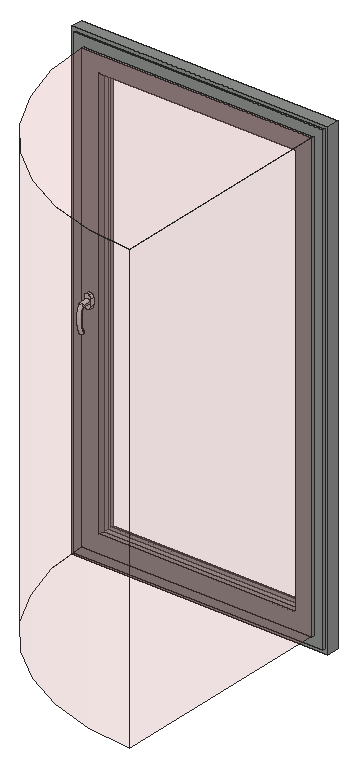
Revit family "Aluprof_MB-86N-SI_E_Alu_Window-1sash-for-Curtain-Wall_ENG_R-00526", category Windows, Revit 2020
Family settings
  OmniClass Number = 23.17.13.13
  OmniClass Title = Metal Windows
  Always vertical = Yes
  Cut with Voids When Loaded = No
  Shared = No
  Room Calculation Point = No
Parameters (values of type "Single Side-hung Casement")
  Width [instance] = 1284 mm
  Water tightness = "up to Class E 4800, EN 12208"
  URL = "https://aluprof.eu/en/architects/offer/window-and-door-systems/mb-86n-thermally-insulated-window-and-door-system#visualisation"
  U = no
  Thermal insulation = 0.0000 W/(m²·K)
  ShowClearanceZone [instance] = yes
  Sash thickness = 86 mm
  Resistance to wind load = "up to Class CE3330, EN 12210"
  R = yes
  Operation = "SinglePanel"
  Opening type = "Single Side-hung Casement"
  Opening angle [instance] = 10.00°  # constant formula
  Model = "MB-86N"
  ManufacturerSustainabilityPolicyURL = "https://aluprof.eu/en/company/sustainable-development"
  Manufacturer = "aluprof.com"
  Keynote = "08511300"
  IsWindowTilted [instance] = no
  IsWindowOpen [instance] = no
  IsTiltedWindowVisible [instance] = and(IsWindowTilted, U)  # no
  IsOpenSashVisible [instance] = and(IsWindowOpen, R)  # no
  IsExternal = yes
  IsClosedWindowVisible [instance] = not(or(IsWindowTilted, IsWindowOpen))  # yes
  Insert type = "SI"
  IfcExportType = "NOTDEFINED"
  IfcExportAs = "IfcWindowType"
  Height [instance] = 2373.601 mm
  Hardware [instance] = ""
  HandleMaterial = StainlessSteel_ALUPROF_Grey
  Handle type [instance] = "Aluprof Classic"
  GlazingMaterial = Glass_ALUPROF_Clear
  Glazing construction = "6/16/4/16/6"  # constant formula
  FrameMaterial = Aluminium_ALUPROF_RAL7005_MouseGrey
  Frame thickness = 77 mm
  Description = "Thermally insulated curtain wall window"
  Content of the recyclate in the material = "69.2%"  # constant formula
  COBie.Type.Name = "MB-86N"
  COBie.Type.Manufacturer = "ALUPROF SA"
  COBie.Type = yes
  COBie = yes
  Assembly Code = "B2020110"
  Air permeability = "up to Class 4, EN 12207"
Types (4, lengths in mm): name | Width | U | Thermal insulation | R | Opening type | Height
  (no name) | 1284 | no | 0.0000 W/(m²·K) | yes | "Single Side-hung Casement" | 2373.601
  Tilt and Turn | 1284 | yes | 0.7500 W/(m²·K) | yes | "Tilt and Turn" | 2373.601
  Bottom-hung Casement | 1360 | yes | 0.0000 W/(m²·K) | no | "Bottom-hung Casement" | 2640
  Single Side-hung Casement | 1284 | no | 0.0000 W/(m²·K) | yes | "Single Side-hung Casement" | 2373.601
Reference planes
  plane 1 "Center (Front/Right)": y = 0
  plane 2: z = 0
  plane 3 "Center (Left/Right)": x = 0
  plane 4 "Left": x = -642
  plane 5 "Right": x = 642
  plane 6 "Top": z = 2373.601
  plane 7 "Frame EXT": y = 37.1
  plane 8 "Frame INT": y = -39.9
  plane 9: z = 64.5
  plane 10 "Sash open": x = 577.5
  plane 11 "Open sash": y = 24.6
  plane 12: x = -577.5
  plane 13 "Sash Top": z = 2309.101
Forms (mm)
  Sweep 1, solid, material "Aluminium_ALUPROF_RAL7005_MouseGrey" <- "FrameMaterial"
    path origin (0, 37.1, 0) x (-1, 0, 0) y (0, 0, 1)
      loop
        line (642, 2373.601) -> (-642, 2373.601) -> (-642, 0) -> (642, 0) -> (642, 2373.601)
    profile origin (-642, 37.1, 1186.801) x (1, 0, 0) y (0, 1, 0)
      loop
        line (70.5, -77) -> (70.5, -50.8) -> (77.537, -50.8) -> (84.126, -4.5) -> (95.5, -4.5) -> (95.5, 0) -> (19, 0) -> (19, -9.5) -> (-1, -9.5) -> (-1, -67.2) -> (16, -67.2) -> (16, -77) -> (70.5, -77)
  Extrusion 2, solid, material "Clearance Zone", visible <- "ShowClearanceZone"
    sketch origin (0, 0, 0) x (1, 0, 0) y (0, 1, 0)
      loop
        line (577.5, -39.9) -> (-577.5, -39.9)
        arc (-577.5, -39.9) -> (-239.208, -856.608) -> (577.5, -1194.9) r 1155
        line (577.5, -1194.9) -> (577.5, -39.9)
    from 64.5 to 2309.101
Lines and regions (mm)
  reference lines
    curve 1: line (0, -39.9, 64.5) -> (0, -433.954, 2299.293)
  symbolic lines
    curve 2: arc (-577.5, -39.9, 0) -> (-239.208, -856.608, 0) -> (577.5, -1194.9, 0) r 1155
    curve 3: line (577.5, -1194.9, 0) -> (577.5, -39.9, 0)
Text (mm)
  text "Exterior" at (-1654.078, 797.241, 0), in view "Ref. Level"
Dimensions and locks
  equal spacing: plane 4 "Left", plane 3 "Center (Left/Right)", plane 5 "Right"
  locked: plane 1 "Center (Front/Right)" to plane 7 "Frame EXT" at 37.1
  "Frame thickness": plane 7 "Frame EXT" to plane 8 "Frame INT"
  locked: plane 9 to plane 2 at 64.5
  "Width": plane 4 "Left" to plane 5 "Right"
  "Height": plane 6 "Top" to plane 2
  locked: plane 10 "Sash open" to plane 5 "Right" at 64.5
  locked: plane 8 "Frame INT" to plane 11 "Open sash" at 64.5
  locked: plane 4 "Left" to plane 12 at 64.5
  locked: Extrusion 2 sketch curve to plane 5 "Right" at 64.5
  locked: plane 13 "Sash Top" to plane 6 "Top" at 64.5
  "Opening angle": angle curve 1 to plane 8 "Frame INT"
  aligned and locked: level to plane 2
  aligned and locked: plane 4 "Left" to nested 1
  aligned and locked: nested 1 to plane 7 "Frame EXT"
  aligned and locked: plane 7 "Frame EXT" to nested 2
  aligned and locked: plane 5 "Right" to nested 2
  aligned and locked: Sweep 1 sketch curve to plane 4 "Left"
  aligned and locked: plane 6 "Top" to Sweep 1 sketch curve
  aligned and locked: plane 5 "Right" to Sweep 1 sketch curve
  aligned and locked: plane 2 to Sweep 1 sketch curve
  aligned and locked: nested 3 to plane 6 "Top"
  aligned and locked: nested 3 to plane 7 "Frame EXT"
  aligned and locked: plane 2 to nested 4
  aligned and locked: plane 7 "Frame EXT" to nested 4
  aligned and locked: plane 8 "Frame INT" to curve 1
  aligned and locked: plane 9 to curve 1
  aligned and locked: plane 12 to Extrusion 2 sketch curve
  aligned and locked: Extrusion 2 sketch curve to plane 8 "Frame INT"
  aligned and locked: Extrusion 2 to plane 9
  aligned and locked: Extrusion 2 to plane 13 "Sash Top"
  aligned and locked: curve 2 to Extrusion 2
  aligned and locked: curve 3 to Extrusion 2
  aligned and locked: nested 6 to plane 10 "Sash open"
  aligned and locked: nested 6 to plane 11 "Open sash"
  aligned and locked: plane 5 "Right" to nested 7
  aligned and locked: nested 7 to plane 7 "Frame EXT"
Automatic sketch dimensions
  profile plane to Sweep 1 sketch curve = 1 mm
  Sweep 1 sketch curve to profile plane = 16 mm
  Sweep 1 sketch curve to Sweep 1 sketch curve = 54.5 mm
  Sweep 1 sketch curve to Sweep 1 sketch curve = 7.037 mm
  Sweep 1 sketch curve to Sweep 1 sketch curve = 6.589 mm
  Sweep 1 sketch curve to Sweep 1 sketch curve = 11.374 mm
  Sweep 1 sketch curve to Sweep 1 sketch curve = 4.5 mm
  Sweep 1 sketch curve to Sweep 1 sketch curve = 9.5 mm
  Sweep 1 sketch curve to Sweep 1 sketch curve = 26.2 mm
  Sweep 1 sketch curve to Sweep 1 sketch curve = 57.7 mm
  Sweep 1 sketch curve to Sweep 1 sketch curve = 9.8 mm
  Sweep 1 sketch curve to plane 7 "Frame EXT" = 0 mm
  Sweep 1 sketch curve to profile plane = 19 mm
  curve 3 to plane 8 "Frame INT" = 0 mm
Nested families
  nested 1: "Frame-Horizontal" at (-642, 37.1, 0), type "Frame-Horizontal", detail levels fine
  nested 2: "Frame-Horizontal" at (642, 37.1, 0) x (-1, 0, 0) z (0, 0, 1), type "Frame-Horizontal", detail levels fine
  nested 3: "Frame-Vertical" at (0, 37.1, 2373.601) x (0, 0, -1) z (1, 0, 0), type "Frame-Vertical", detail levels fine
  nested 4: "Frame-Vertical" at (0, 37.1, 0) x (0, 0, 1) z (1, 0, 0), type "Frame-Vertical", detail levels fine
  nested 5: "SashTilted" at (0, -234.785, 1169.75) x (-1, 0, 0) z (0, 0.9848, 0.1736), Height <- "Height", Width <- "Width", visible <- "IsTiltedWindowVisible", type "SashTilted"
    with built-in parameter 1001301 1284 mm, built-in parameter 1001300 2373.601 mm, U no
  nested 6: "Sash" at (534.5, -617.4, 0) x (0, -1, 0) z (0, 0, 1), Height <- "Height", Width <- "Width", visible <- "IsOpenSashVisible", type "Sash"
    with built-in parameter 1001301 1284 mm, built-in parameter 1001300 2373.601 mm
  nested 7: "Sash" at (0, -5.9, 0) x (-1, 0, 0) z (0, 0, 1), Height <- "Height", Width <- "Width", visible <- "IsClosedWindowVisible", type "Sash"
    with built-in parameter 1001301 1284 mm, built-in parameter 1001300 2373.601 mm
Definition of nested family "SashTilted"
  Parameters (values of type "Sash")
    Width [instance] = 1189.528 mm
    U = yes
    R = yes
    Height [instance] = 1529 mm
    HandleMaterial = none
    GlazingMaterial = none
    FrameMaterial = none
    Define Thermal Properties by = 1
    Default Elevation = 1219.2 mm
    Analytic Construction = "<None>"
  Reference planes
    plane 1 "Center (Front/Back)": y = 0
    plane 2: z = 0
    plane 3 "Center (Left/Right)": x = 0
    plane 4: y = 700
    plane 5: y = -700
    plane 6: x = 530.264
    plane 7: x = -530.264
    plane 8: x = 594.764
    plane 9: x = -594.764
    plane 10: y = 764.5
    plane 11: y = -764.5
    plane 12 "Sash EXT": z = 77
    plane 13 "Glass EXT": z = 68.5
    plane 14 "Glass INT": z = 20.5
    plane 15: x = -494.264
    plane 16: x = 494.264
    plane 17 "Handle": x = 490.815
  Forms (mm)
    Extrusion 1, solid
      sketch origin (0, 0, 0) x (1, 0, 0) y (0, 1, 0)
        loop
          line (-1219.2, 1219.2) -> (-1219.2, -1219.2) -> (1219.2, -1219.2) -> (1219.2, 1219.2) -> (-1219.2, 1219.2)
      from 0 to -304.8
    Sweep 2, solid, material <- "FrameMaterial"
      path origin (0, 0, 0) x (1, 0, 0) y (0, 1, 0)
        loop
          line (-530.264, 700) -> (-530.264, -700) -> (530.264, -700) -> (530.264, 700) -> (-530.264, 700)
      profile origin (0, 700, 0) x (0, 1, 0) y (0, 0, 1)
        loop
          line (0, -9) -> (0, 0) -> (-17.5, 0) -> (-17.5, 30.154) -> (-21.207, 56.2) -> (-28, 56.2) -> (-28, 71.8) -> (-36, 71.8) -> (-36, 77) -> (-83.5, 77) -> (-83.5, 68.5) -> (-67.5, 68.5) -> (-67.5, 20.5) -> (-83.5, 20.5) -> (-83.5, -9) -> (0, -9)
    Extrusion 3, solid, material <- "GlazingMaterial"
      sketch origin (0, 0, 0) x (1, 0, 0) y (0, 1, 0)
        loop
          line (-462.764, 632.5) -> (-462.764, -632.5) -> (462.764, -632.5) -> (462.764, 632.5) -> (-462.764, 632.5)
      from 20.5 to 68.5
    Sweep 4, solid, material <- "FrameMaterial"
      path origin (0, 0, 77) x (-1, 0, 0) y (0, -1, 0)
        loop
          line (494.264, 700) -> (-494.264, 700)
      profile origin (0, -700, 77) x (0, 1, 0) y (0, 0, 1)
        loop
          line (55.25, 19.2) -> (49.25, 20.2) -> (49.25, 18.7) -> (53.574, 17.452) -> (56.363, 4.206) -> (44.25, 1.656) -> (44.25, 0) -> (59.292, 0) -> (55.25, 19.2)
  Lines and regions (mm)
    symbolic lines, visible <- "R"
      curve 1: line (-446.764, 616.5, 77) -> (446.764, 0, 77)
      curve 2: line (446.764, 0, 77) -> (-446.764, -616.5, 77)
    symbolic lines, visible <- "U"
      curve 3: line (-446.764, -616.5, 77) -> (0, 616.5, 77)
      curve 4: line (0, 616.5, 77) -> (446.764, -616.5, 77)
  Dimensions and locks
    locked: plane 6 to plane 8 at 64.5
    locked: plane 9 to plane 7 at 64.5
    equal spacing: plane 9, plane 3 "Center (Left/Right)", plane 8
    "Width": plane 9 to plane 8
    locked: plane 10 to plane 4 at 64.5
    locked: plane 5 to plane 11 at 64.5
    equal spacing: plane 10, plane 1 "Center (Front/Back)", plane 11
    "Height": plane 10 to plane 11
    locked: plane 12 "Sash EXT" to plane 2 at 77
    plane 12 "Sash EXT" to plane 13 "Glass EXT" to plane 14 "Glass INT" = 8.5 mm locked, 48 mm locked
    locked: plane 7 to Extrusion 3 sketch curve at 67.5
    locked: Extrusion 3 sketch curve to plane 6 at 67.5
    locked: Extrusion 3 sketch curve to plane 4 at 67.5
    locked: Extrusion 3 sketch curve to plane 5 at 67.5
    locked: plane 16 to plane 6 at 36
    locked: plane 7 to plane 15 at 36
    locked: plane 6 to plane 17 "Handle" at 39.449
    aligned and locked: plane 2 to Extrusion 1
    aligned and locked: level to Extrusion 1
    aligned and locked: Sweep 2 sketch curve to plane 4
    aligned and locked: plane 7 to Sweep 2 sketch curve
    aligned and locked: plane 5 to Sweep 2 sketch curve
    aligned and locked: Sweep 2 sketch curve to plane 6
    aligned and locked: nested 1 to plane 7
    aligned and locked: nested 1 to plane 6
    aligned and locked: nested 1 to plane 12 "Sash EXT"
    aligned and locked: nested 2 to plane 5
    aligned and locked: nested 2 to plane 4
    aligned and locked: nested 2 to plane 12 "Sash EXT"
    aligned and locked: Extrusion 3 to plane 14 "Glass INT"
    aligned and locked: plane 13 "Glass EXT" to Extrusion 3
    aligned and locked: Sweep 4 sketch curve to plane 5
    aligned and locked: plane 15 to Sweep 4 sketch curve
    aligned and locked: plane 16 to Sweep 4 sketch curve
    aligned and locked: plane 17 "Handle" to nested 3
    aligned and locked: plane 1 "Center (Front/Back)" to nested 3
  Automatic sketch dimensions
    Extrusion 1 sketch curve to Extrusion 1 sketch curve = 2438.4 mm  (x2)
    profile plane to Sweep 2 sketch curve = 83.5 mm
    Sweep 2 sketch curve to profile plane = 0 mm
    Sweep 2 sketch curve to Sweep 2 sketch curve = 31.5 mm
    Sweep 2 sketch curve to Sweep 2 sketch curve = 8 mm
    Sweep 2 sketch curve to Sweep 2 sketch curve = 6.793 mm
    profile plane to Sweep 2 sketch curve = 17.5 mm
    profile plane to Sweep 2 sketch curve = 36 mm
    level to Sweep 2 sketch curve = 0 mm
    Sweep 2 sketch curve to Sweep 2 sketch curve = 30.154 mm
    Sweep 2 sketch curve to Sweep 2 sketch curve = 56.2 mm
    Sweep 2 sketch curve to Sweep 2 sketch curve = 15.6 mm
    Sweep 2 sketch curve to Sweep 2 sketch curve = 5.2 mm
    Sweep 2 sketch curve to Sweep 2 sketch curve = 8.5 mm
    level to Sweep 2 sketch curve = 20.5 mm
    Sweep 2 sketch curve to level = 9 mm
    Sweep 2 sketch curve to Sweep 2 sketch curve = 16 mm
    plane 12 "Sash EXT" to Sweep 4 sketch curve = 19.2 mm
    Sweep 4 sketch curve to profile plane = 55.25 mm
    plane 12 "Sash EXT" to Sweep 4 sketch curve = 20.2 mm
    Sweep 4 sketch curve to Sweep 4 sketch curve = 6 mm
    plane 12 "Sash EXT" to Sweep 4 sketch curve = 0 mm
    Sweep 4 sketch curve to Sweep 4 sketch curve = 4.042 mm
    Sweep 4 sketch curve to Sweep 4 sketch curve = 1.5 mm
    plane 12 "Sash EXT" to Sweep 4 sketch curve = 17.452 mm
    Sweep 4 sketch curve to Sweep 4 sketch curve = 1.676 mm
    plane 12 "Sash EXT" to Sweep 4 sketch curve = 4.206 mm
    Sweep 4 sketch curve to Sweep 4 sketch curve = 2.929 mm
    plane 12 "Sash EXT" to Sweep 4 sketch curve = 1.656 mm
    Sweep 4 sketch curve to Sweep 4 sketch curve = 12.113 mm
    plane 1 "Center (Front/Back)" to curve 1 = 0 mm
    curve 4 to plane 3 "Center (Left/Right)" = 0 mm
    plane 17 "Handle" to curve 2 = 44.051 mm
    plane 7 to curve 3 = 83.5 mm
    plane 5 to curve 3 = 83.5 mm
    plane 17 "Handle" to curve 4 = 44.051 mm
    plane 7 to curve 1 = 83.5 mm
    curve 1 to plane 4 = 83.5 mm
    curve 4 to plane 4 = 83.5 mm
    plane 5 to curve 4 = 83.5 mm
  Nested families
    nested 1: "Horizontal-detail-sash" at (-530.264, 0, 77) x (1, 0, 0) z (0, -1, 0), type "Horizontal-detail-sash", detail levels fine
      with Width 1060.528 mm
    nested 2: "Family5" at (0, -700, 77) x (0, 1, 0) z (1, 0, 0), type "Family5", detail levels fine
      with Width 1400 mm
    nested 3: "Handle" at (490.815, 0, -9) x (-1, 0, 0) z (0, 0, -1), HandleMaterial <- "HandleMaterial", type "Handle", detail levels medium+fine
      with HandleMaterial none
  Definition of nested family "Handle"
    Parameters (values of type "Handle")
      HandleMaterial [instance] = none
      Default Elevation = 1219.2 mm
    Reference planes
      plane 1 "Center (Front/Back)": y = 0
      plane 2: z = 0
      plane 3 "Center (Left/Right)": x = 0
      plane 4: x = -16.5
      plane 5: x = 16.5
      plane 6: z = 75.983
      plane 7: y = 34
      plane 8: y = -34
    Forms (mm)
      Extrusion 1, solid
        sketch origin (0, 0, 0) x (1, 0, 0) y (0, 1, 0)
          loop
            line (-1219.2, 1219.2) -> (-1219.2, -1219.2) -> (1219.2, -1219.2) -> (1219.2, 1219.2) -> (-1219.2, 1219.2)
        from 0 to -304.8
      Extrusion 2, solid, material <- "HandleMaterial"
        sketch origin (0, 0, 0) x (1, 0, 0) y (0, 1, 0)
          loop
            arc (-16.5, -17.5) -> (0, -34) -> (16.5, -17.5) r 16.5
            line (16.5, -17.5) -> (16.5, 17.5)
            arc (16.5, 17.5) -> (0, 34) -> (-16.5, 17.5) r 16.5
            line (-16.5, 17.5) -> (-16.5, -17.5)
        from 0 to 14
      Extrusion 3, solid, material <- "HandleMaterial"
        sketch origin (-436.456, 1200, 14) x (0, 1, 0) y (1, 0, 0)
          loop
            circle (-1200, 436.456) r 11
        from 0 to -47
      Sweep 4, solid, material <- "HandleMaterial"
        path origin (0, 0, 0) x (0, 0, -1) y (0, 1, 0)
          loop
            arc (-61, 11) -> (-76, -57) -> (-61, -125) r 161.633
        profile origin (0, -57, 76) x (0, 0, -1) y (1, 0, 0)
          loop
            spline (7.5, 11) -> (5.559, 10.625) -> (3.75, 9.526) -> (2.197, 7.778) -> (1.005, 5.5) -> (0.256, 2.847) -> (0, 0) -> (0.256, -2.847) -> (1.005, -5.5) -> (2.197, -7.778) -> (3.75, -9.526) -> (5.559, -10.625) -> (7.5, -11)
            spline (7.5, -11) -> (9.441, -10.625) -> (11.25, -9.526) -> (12.803, -7.778) -> (13.995, -5.5) -> (14.744, -2.847) -> (15, 0) -> (14.744, 2.847) -> (13.995, 5.5) -> (12.803, 7.778) -> (11.25, 9.526) -> (9.441, 10.625) -> (7.5, 11)
      Extrusion 5, void
        sketch origin (0, 0, 0) x (0, 0, -1) y (0, 1, 0)
          loop
            line (-67.378, 29.956) -> (-39.828, -51.925) -> (-39.828, 29.956) -> (-67.378, 29.956)
        from -20 to 20
      Extrusion 6, void
        sketch origin (0, 0, 0) x (0, 0, -1) y (0, 1, 0)
          loop
            line (-75.729, 54.777) -> (-75.729, -24.944) -> (-48.906, -24.944) -> (-75.729, 54.777)
        from -20 to 20
    Cuts and joins
      Extrusion 5 cuts Sweep 4
      Extrusion 6 cuts Extrusion 3
    Lines and regions (mm)
      symbolic lines
        curve 1: line (16.5, 0, 14) -> (-16.5, 0, 14)
        curve 2: line (16.5, 0, 0) -> (16.5, 0, 14)
        curve 3: line (-16.5, 0, 0) -> (16.5, 0, 0)
        curve 4: line (-16.5, 0, 14) -> (-16.5, 0, 0)
        curve 9: line (11, 0, 14) -> (11, 0, 72.589)
        curve 10: line (-11, 0, 14) -> (-11, 0, 72.424)
        curve 11: spline (10.99, 0, 72.424) -> (10.664, 0, 73.345) -> (9.593, 0, 74.207) -> (7.851, 0, 74.949) -> (5.56, 0, 75.519) -> (2.881, 0, 75.878) -> (0, 0, 76.001) -> (-2.881, 0, 75.878) -> (-5.56, 0, 75.519) -> (-7.851, 0, 74.949) -> (-9.593, 0, 74.207) -> (-10.664, 0, 73.345) -> (-10.99, 0, 72.424)
        curve 15: line (0, 34, 14) -> (0, -34, 14)
        curve 16: line (0, 34, 0) -> (0, 34, 14)
        curve 17: line (0, -34, 0) -> (0, 34, 0)
        curve 18: line (0, -34, 14) -> (0, -34, 0)
        curve 23: line (0, 11, 14) -> (0, 11, 61.001)
        curve 24: line (0, -11, 14) -> (0, -11, 53.598)
        curve 25: arc (0, -11, 53.598) -> (0, -65.539, 60.26) -> (0, -118.939, 47.326) r 153.8
        curve 26: arc (0, 11, 61.001) -> (0, -57, 76.011) -> (0, -125, 61.001) r 161.53
        curve 27: line (0, -125, 61.001) -> (0, -118.939, 47.326)
      symbolic lines, not visible
        curve 5: line (16.5, 0, 14) -> (-16.5, 0, 14)
        curve 6: line (16.5, 0, 0) -> (16.5, 0, 14)
        curve 7: line (-16.5, 0, 0) -> (16.5, 0, 0)
        curve 8: line (-16.5, 0, 14) -> (-16.5, 0, 0)
        curve 12: line (11, 0, 14) -> (11, 0, 72.589)
        curve 13: line (-11, 0, 14) -> (-11, 0, 72.424)
        curve 14: spline (10.99, 0, 72.424) -> (10.664, 0, 73.345) -> (9.593, 0, 74.207) -> (7.851, 0, 74.949) -> (5.56, 0, 75.519) -> (2.881, 0, 75.878) -> (0, 0, 76.001) -> (-2.881, 0, 75.878) -> (-5.56, 0, 75.519) -> (-7.851, 0, 74.949) -> (-9.593, 0, 74.207) -> (-10.664, 0, 73.345) -> (-10.99, 0, 72.424)
        curve 19: line (0, 34, 14) -> (0, -34, 14)
        curve 20: line (0, 34, 0) -> (0, 34, 14)
        curve 21: line (0, -34, 0) -> (0, 34, 0)
        curve 22: line (0, -34, 14) -> (0, -34, 0)
        curve 28: line (0, 11, 14) -> (0, 11, 61.001)
        curve 29: line (0, -11, 14) -> (0, -11, 53.598)
        curve 30: arc (0, -11, 53.598) -> (0, -65.539, 60.26) -> (0, -118.939, 47.326) r 153.8
        curve 31: arc (0, 11, 61.001) -> (0, -57, 76.011) -> (0, -125, 61.001) r 161.53
        curve 32: line (0, -125, 61.001) -> (0, -118.939, 47.326)
    Dimensions and locks
      equal spacing: plane 4, plane 3 "Center (Left/Right)", plane 5
      locked: plane 4 to plane 3 "Center (Left/Right)" at 16.5
      locked: plane 6 to plane 2 at 75.983
      equal spacing: plane 8, plane 1 "Center (Front/Back)", plane 7
      locked: plane 8 to plane 1 "Center (Front/Back)" at 34
      aligned and locked: plane 2 to Extrusion 1
      aligned and locked: level to Extrusion 1
      aligned and locked: Extrusion 2 to plane 4
      aligned and locked: Extrusion 2 to plane 5
      aligned and locked: curve 16 to plane 7
      aligned and locked: plane 2 to curve 17
      aligned and locked: plane 4 to curve 4
      aligned and locked: plane 2 to curve 3
    Automatic sketch dimensions
      Extrusion 1 sketch curve to Extrusion 1 sketch curve = 2438.4 mm  (x2)
      plane 1 "Center (Front/Back)" to Extrusion 3 sketch curve = 0 mm
      Extrusion 3 sketch curve to plane 3 "Center (Left/Right)" = 0 mm
      Sweep 4 sketch curve to level = 85.633 mm
      plane 1 "Center (Front/Back)" to Sweep 4 sketch curve = 57 mm
      level to Sweep 4 sketch curve = 61 mm  (x2)
      Sweep 4 sketch curve to plane 1 "Center (Front/Back)" = 11 mm
      Sweep 4 sketch curve to profile plane = 0 mm
      Sweep 4 sketch curve to profile plane = 7.5 mm
      Sweep 4 sketch curve to Sweep 4 sketch curve = 11 mm
      Extrusion 5 sketch curve to plane 1 "Center (Front/Back)" = 29.956 mm
      level to Extrusion 5 sketch curve = 67.378 mm
      Extrusion 5 sketch curve to Extrusion 5 sketch curve = 27.55 mm
      plane 1 "Center (Front/Back)" to Extrusion 5 sketch curve = 51.925 mm
      plane 1 "Center (Front/Back)" to Extrusion 6 sketch curve = 24.944 mm
      level to Extrusion 6 sketch curve = 75.729 mm
      Extrusion 6 sketch curve to Extrusion 6 sketch curve = 26.823 mm
      Extrusion 6 sketch curve to plane 1 "Center (Front/Back)" = 54.777 mm
      Extrusion 2 sketch curve to plane 4 = 0 mm
      Extrusion 2 sketch curve to plane 3 "Center (Left/Right)" = 0 mm
      plane 1 "Center (Front/Back)" to Extrusion 2 sketch curve = 17.5 mm
      Extrusion 2 sketch curve to plane 1 "Center (Front/Back)" = 17.5 mm
      curve 1 to curve 2 = 33 mm
      curve 2 to curve 2 = 14 mm
      curve 1 to curve 10 = 5.5 mm
      curve 10 to curve 11 = 0.008 mm
      curve 10 to curve 11 = 0.01 mm
      curve 11 to curve 11 = 10.99 mm  (x2)
      curve 11 to curve 9 = 0.01 mm
      curve 10 to curve 10 = 58.424 mm
      curve 10 to curve 11 = 0.001 mm
      curve 11 to curve 11 = 0.071 mm
      curve 11 to curve 9 = 0.165 mm
      curve 5 to curve 6 = 33 mm
      curve 6 to curve 6 = 14 mm
      curve 5 to curve 13 = 5.5 mm
      curve 13 to curve 14 = 0.008 mm
      curve 13 to curve 14 = 0.01 mm
      curve 14 to curve 14 = 10.99 mm  (x2)
      curve 14 to curve 12 = 0.01 mm
      curve 13 to curve 13 = 58.424 mm
      curve 13 to curve 14 = 0.001 mm
      curve 14 to curve 14 = 0.071 mm
      curve 14 to curve 12 = 0.165 mm
      curve 26 to curve 25 = 0.382 mm
      curve 26 to curve 18 = 23 mm
      curve 15 to curve 24 = 23 mm
      curve 25 to curve 23 = 22 mm
      curve 23 to curve 16 = 23 mm
      curve 25 to curve 26 = 7.762 mm
      curve 26 to curve 17 = 85.519 mm
      curve 17 to curve 18 = 14 mm
      curve 24 to curve 24 = 39.598 mm
      curve 25 to curve 23 = 7.403 mm
      curve 25 to curve 15 = 84.939 mm
      curve 27 to curve 27 = 6.061 mm
      curve 31 to curve 30 = 0.382 mm
      curve 31 to curve 22 = 23 mm
      curve 19 to curve 29 = 23 mm
      curve 30 to curve 28 = 22 mm
      curve 28 to curve 20 = 23 mm
      curve 30 to curve 31 = 7.762 mm
      curve 31 to curve 21 = 85.519 mm
      curve 21 to curve 22 = 14 mm
      curve 29 to curve 29 = 39.598 mm
      curve 30 to curve 28 = 7.403 mm
      curve 30 to curve 19 = 84.939 mm
      curve 32 to curve 32 = 6.061 mm
      radius of Extrusion 3 sketch curve = 11 mm
  Definition of nested family "Horizontal-detail-sash"
    Parameters
      Width [instance] = 590 mm
    Reference planes
      plane 1 "Center (Front/Back)": y = 0
      plane 2: z = 0
      plane 3 "Center (Left/Right)": x = 0
      plane 4: x = 590
      plane 5: y = 86
      plane 6: x = 67.5
      plane 7: x = 522.5
    Lines and regions (mm)
      detail lines, in view "Ref. Level"
        curve 1: line (67.5, 56.5, 0) -> (522.5, 56.5, 0)
        curve 2: line (67.5, 50.5, 0) -> (522.5, 50.5, 0)
        curve 3: line (67.5, 34.5, 0) -> (522.5, 34.5, 0)
        curve 4: line (67.5, 30.5, 0) -> (522.5, 30.5, 0)
        curve 5: line (67.5, 14.5, 0) -> (522.5, 14.5, 0)
        curve 6: line (67.5, 8.5, 0) -> (522.5, 8.5, 0)
    Dimensions and locks
      "Width": plane 3 "Center (Left/Right)" to plane 4
      locked: plane 1 "Center (Front/Back)" to plane 5 at 86
      locked: plane 7 to plane 4 at 67.5
      locked: plane 3 "Center (Left/Right)" to plane 6 at 67.5
      aligned and locked: import instance to plane 4
      aligned and locked: import instance to plane 5
      aligned and locked: import instance to plane 3 "Center (Left/Right)"
    Automatic sketch dimensions
      curve 1 to plane 6 = 0 mm
      curve 6 to plane 6 = 0 mm
      curve 2 to plane 6 = 0 mm
      curve 5 to plane 6 = 0 mm
      curve 3 to plane 6 = 0 mm
      curve 4 to plane 6 = 0 mm
      curve 4 to plane 7 = 0 mm
      curve 2 to plane 7 = 0 mm
      curve 5 to plane 7 = 0 mm
      curve 1 to plane 7 = 0 mm
      curve 6 to plane 7 = 0 mm
      curve 3 to plane 7 = 0 mm
      curve 6 to plane 1 "Center (Front/Back)" = 8.5 mm
      curve 6 to curve 5 = 6 mm
      curve 5 to curve 4 = 16 mm
      curve 4 to curve 3 = 4 mm
      curve 3 to curve 2 = 16 mm
      curve 2 to curve 1 = 6 mm
  Definition of nested family "Family5"
    Parameters (values of type "Family5")
      Width [instance] = 590 mm
    Reference planes
      plane 1 "Center (Front/Back)": y = 0
      plane 2: z = 0
      plane 3 "Center (Left/Right)": x = 0
      plane 4: x = 590
      plane 5: y = 86
      plane 6: x = 67.5
      plane 7: x = 522.5
    Lines and regions (mm)
      detail lines, in view "Ref. Level"
        curve 1: line (67.5, 56.5, 0) -> (522.5, 56.5, 0)
        curve 2: line (67.5, 50.5, 0) -> (522.5, 50.5, 0)
        curve 3: line (67.5, 34.5, 0) -> (522.5, 34.5, 0)
        curve 4: line (67.5, 30.5, 0) -> (522.5, 30.5, 0)
        curve 5: line (67.5, 14.5, 0) -> (522.5, 14.5, 0)
        curve 6: line (67.5, 8.5, 0) -> (522.5, 8.5, 0)
    Dimensions and locks
      "Width": plane 3 "Center (Left/Right)" to plane 4
      locked: plane 1 "Center (Front/Back)" to plane 5 at 86
      locked: plane 7 to plane 4 at 67.5
      locked: plane 3 "Center (Left/Right)" to plane 6 at 67.5
      aligned and locked: import instance to plane 4
      aligned and locked: import instance to plane 5
      aligned and locked: import instance to plane 3 "Center (Left/Right)"
      aligned and locked: plane 5 to import instance
    Automatic sketch dimensions
      curve 1 to plane 6 = 0 mm
      curve 6 to plane 6 = 0 mm
      curve 2 to plane 6 = 0 mm
      curve 5 to plane 6 = 0 mm
      curve 3 to plane 6 = 0 mm
      curve 4 to plane 6 = 0 mm
      curve 4 to plane 7 = 0 mm
      curve 2 to plane 7 = 0 mm
      curve 5 to plane 7 = 0 mm
      curve 1 to plane 7 = 0 mm
      curve 6 to plane 7 = 0 mm
      curve 3 to plane 7 = 0 mm
      curve 6 to plane 1 "Center (Front/Back)" = 8.5 mm
      curve 6 to curve 5 = 6 mm
      curve 5 to curve 4 = 16 mm
      curve 4 to curve 3 = 4 mm
      curve 3 to curve 2 = 16 mm
      curve 2 to curve 1 = 6 mm
Definition of nested family "Sash"
  Parameters (values of type "Sash")
    Width [instance] = 631 mm
    U = yes
    R = yes
    Height [instance] = 1203.455 mm
    HandleMaterial = none
    GlazingMaterial = none
    FrameMaterial = none
    Define Thermal Properties by = 1
    Default Elevation = 0 mm
    Analytic Construction = "<None>"
  Reference planes
    plane 1 "Center (Front/Back)": y = 0
    plane 2: z = 0
    plane 3 "Center (Left/Right)": x = 0
    plane 4: x = 251
    plane 5: x = -251
    plane 6 "Sash EXT": y = 43
    plane 7 "Sash INT": y = -43
    plane 8: z = 1203.455
    plane 9: z = 1138.955
    plane 10: z = 64.5
    plane 11: x = -315.5
    plane 12: x = 315.5
    plane 13: z = 132
    plane 14: z = 1071.455
    plane 15: x = 211.551
    plane 16: z = 601.728
    plane 17: x = -213.5
    plane 18: x = 213.5
  Forms (mm)
    Sweep 1, solid, material <- "FrameMaterial"
      path origin (0, 43, 0) x (-1, 0, 0) y (0, 0, 1)
        loop
          line (251, 1138.955) -> (-251, 1138.955) -> (-251, 64.5) -> (251, 64.5) -> (251, 1138.955)
      profile origin (-251, 43, 601.728) x (1, 0, 0) y (0, 1, 0)
        loop
          line (83.5, -29.5) -> (83.5, 0) -> (0, 0) -> (0, -9) -> (17.5, -9) -> (17.5, -39.154) -> (21.207, -65.2) -> (30, -65.2) -> (30, -80.8) -> (37.5, -80.8) -> (37.5, -86) -> (83.5, -86) -> (83.5, -77.5) -> (67.5, -77.5) -> (67.5, -29.5) -> (83.5, -29.5)
    Extrusion 2, solid, material <- "GlazingMaterial"
      sketch origin (0, 0, 0) x (1, 0, 0) y (0, 1, 0)
        loop
          line (-183.5, 13.5) -> (-183.5, -34.5) -> (183.5, -34.5) -> (183.5, 13.5) -> (-183.5, 13.5)
      from 132 to 1071.455
    Sweep 3, solid, material <- "FrameMaterial"
      path origin (0, 43, 0) x (-1, 0, 0) y (0, 0, 1)
        loop
          line (-213.5, 64.5) -> (213.5, 64.5)
      profile origin (0, 43, 64.5) x (0, 0, 1) y (0, 1, 0)
        loop
          line (55.25, -105.2) -> (59.292, -86) -> (44.25, -86) -> (44.25, -87.656) -> (56.363, -90.206) -> (53.574, -103.452) -> (49.25, -104.7) -> (49.25, -106.2) -> (55.25, -105.2)
  Lines and regions (mm)
    symbolic lines, visible <- "U"
      curve 1: line (167.5, 0, 148) -> (0, 0, 1055.455)
      curve 2: line (0, 0, 1055.455) -> (-167.5, 0, 148)
    symbolic lines, visible <- "R"
      curve 3: line (-167.5, 0, 148) -> (167.5, 0, 601.728)
      curve 4: line (167.5, 0, 601.728) -> (-167.5, 0, 1055.455)
  Dimensions and locks
    locked: plane 6 "Sash EXT" to plane 7 "Sash INT" at 86
    locked: plane 10 to plane 2 at 64.5
    locked: plane 8 to plane 9 at 64.5
    locked: plane 11 to plane 5 at 64.5
    locked: plane 4 to plane 12 at 64.5
    equal spacing: plane 11, plane 3 "Center (Left/Right)", plane 12
    "Width": plane 11 to plane 12
    plane 6 "Sash EXT" to Extrusion 2 sketch curve to Extrusion 2 sketch curve = 29.5 mm locked, 48 mm locked
    locked: Extrusion 2 sketch curve to plane 4 at 67.5
    locked: plane 5 to Extrusion 2 sketch curve at 67.5
    locked: plane 10 to plane 13 at 67.5
    locked: plane 9 to plane 14 at 67.5
    locked: plane 15 to plane 4 at 39.449
    locked: plane 17 to plane 5 at 37.5
    locked: plane 4 to plane 18 at 37.5
    "Height": plane 8 to plane 2
    equal spacing: plane 8, plane 16, plane 2
    aligned and locked: level to plane 2
    aligned and locked: plane 6 "Sash EXT" to nested 1
    aligned and locked: plane 5 to nested 1
    aligned and locked: plane 4 to nested 1
    aligned and locked: plane 9 to Sweep 1 sketch curve
    aligned and locked: Sweep 1 sketch curve to plane 5
    aligned and locked: plane 10 to Sweep 1 sketch curve
    aligned and locked: plane 4 to Sweep 1 sketch curve
    aligned and locked: plane 10 to nested 2
    aligned and locked: nested 2 to plane 9
    aligned and locked: nested 2 to plane 6 "Sash EXT"
    aligned and locked: plane 14 to Extrusion 2
    aligned and locked: Extrusion 2 to plane 13
    aligned and locked: nested 3 to plane 15
    aligned and locked: nested 3 to plane 16
    aligned and locked: plane 10 to Sweep 3 sketch curve
    aligned and locked: plane 17 to Sweep 3 sketch curve
    aligned and locked: plane 18 to Sweep 3 sketch curve
  Automatic sketch dimensions
    Sweep 1 sketch curve to plane 6 "Sash EXT" = 0 mm
    Sweep 1 sketch curve to profile plane = 83.5 mm
    Sweep 1 sketch curve to Sweep 1 sketch curve = 29.5 mm
    Sweep 1 sketch curve to profile plane = 0 mm
    Sweep 1 sketch curve to Sweep 1 sketch curve = 17.5 mm
    Sweep 1 sketch curve to profile plane = 21.207 mm
    Sweep 1 sketch curve to Sweep 1 sketch curve = 8.793 mm
    Sweep 1 sketch curve to Sweep 1 sketch curve = 7.5 mm
    Sweep 1 sketch curve to Sweep 1 sketch curve = 5.2 mm
    Sweep 1 sketch curve to Sweep 1 sketch curve = 15.6 mm
    Sweep 1 sketch curve to Sweep 1 sketch curve = 26.046 mm
    Sweep 1 sketch curve to Sweep 1 sketch curve = 30.154 mm
    Sweep 1 sketch curve to plane 6 "Sash EXT" = 9 mm
    Sweep 1 sketch curve to Sweep 1 sketch curve = 30 mm
    Sweep 1 sketch curve to Sweep 1 sketch curve = 16 mm
    Sweep 1 sketch curve to Sweep 1 sketch curve = 8.5 mm
    Sweep 3 sketch curve to plane 6 "Sash EXT" = 105.2 mm
    Sweep 3 sketch curve to Sweep 3 sketch curve = 6 mm
    Sweep 3 sketch curve to Sweep 3 sketch curve = 4.042 mm
    Sweep 3 sketch curve to Sweep 3 sketch curve = 1 mm
    Sweep 3 sketch curve to Sweep 3 sketch curve = 19.2 mm
    Sweep 3 sketch curve to Sweep 3 sketch curve = 1.5 mm
    Sweep 3 sketch curve to Sweep 3 sketch curve = 1.676 mm
    Sweep 3 sketch curve to Sweep 3 sketch curve = 1.748 mm
    Sweep 3 sketch curve to Sweep 3 sketch curve = 2.929 mm
    Sweep 3 sketch curve to Sweep 3 sketch curve = 12.113 mm
    Sweep 3 sketch curve to Sweep 3 sketch curve = 2.55 mm
    Sweep 3 sketch curve to profile plane = 44.25 mm
    Sweep 3 sketch curve to Sweep 3 sketch curve = 1.656 mm
    curve 2 to plane 3 "Center (Left/Right)" = 0 mm
    curve 3 to plane 16 = 0 mm
    plane 13 to curve 2 = 16 mm
    plane 5 to curve 2 = 83.5 mm
    curve 2 to plane 14 = 16 mm
    curve 4 to plane 14 = 16 mm
    plane 5 to curve 4 = 83.5 mm
    curve 4 to plane 15 = 44.051 mm
    plane 13 to curve 1 = 16 mm
    curve 1 to plane 15 = 44.051 mm
  Nested families
    nested 1: "Horizontal-detail-sash" at (-251, -43, 0), type "Horizontal-detail-sash", detail levels fine
      with Width 502 mm
    nested 2: "Family5" at (0, -43, 64.5) x (0, 0, 1) z (1, 0, 0), type "Family5", detail levels fine
      with Width 1074.455 mm
    nested 3: "Handle" at (211.551, 43, 601.728) x (-1, 0, 0) z (0, 1, 0), HandleMaterial <- "HandleMaterial", type "Handle", detail levels medium+fine
      with HandleMaterial none
  Definition of nested family "Handle"
    Parameters (values of type "Handle")
      HandleMaterial [instance] = none
      Default Elevation = 1219.2 mm
    Reference planes
      plane 1 "Center (Front/Back)": y = 0
      plane 2: z = 0
      plane 3 "Center (Left/Right)": x = 0
      plane 4: x = -16.5
      plane 5: x = 16.5
      plane 6: z = 75.983
      plane 7: y = 34
      plane 8: y = -34
    Forms (mm)
      Extrusion 1, solid
        sketch origin (0, 0, 0) x (1, 0, 0) y (0, 1, 0)
          loop
            line (-1219.2, 1219.2) -> (-1219.2, -1219.2) -> (1219.2, -1219.2) -> (1219.2, 1219.2) -> (-1219.2, 1219.2)
        from 0 to -304.8
      Extrusion 2, solid, material <- "HandleMaterial"
        sketch origin (0, 0, 0) x (1, 0, 0) y (0, 1, 0)
          loop
            arc (-16.5, -17.5) -> (0, -34) -> (16.5, -17.5) r 16.5
            line (16.5, -17.5) -> (16.5, 17.5)
            arc (16.5, 17.5) -> (0, 34) -> (-16.5, 17.5) r 16.5
            line (-16.5, 17.5) -> (-16.5, -17.5)
        from 0 to 14
      Extrusion 3, solid, material <- "HandleMaterial"
        sketch origin (-436.456, 1200, 14) x (0, 1, 0) y (1, 0, 0)
          loop
            circle (-1200, 436.456) r 11
        from 0 to -47
      Sweep 4, solid, material <- "HandleMaterial"
        path origin (0, 0, 0) x (0, 0, -1) y (0, 1, 0)
          loop
            arc (-61, 11) -> (-76, -57) -> (-61, -125) r 161.633
        profile origin (0, -57, 76) x (0, 0, -1) y (1, 0, 0)
          loop
            spline (7.5, 11) -> (5.559, 10.625) -> (3.75, 9.526) -> (2.197, 7.778) -> (1.005, 5.5) -> (0.256, 2.847) -> (0, 0) -> (0.256, -2.847) -> (1.005, -5.5) -> (2.197, -7.778) -> (3.75, -9.526) -> (5.559, -10.625) -> (7.5, -11)
            spline (7.5, -11) -> (9.441, -10.625) -> (11.25, -9.526) -> (12.803, -7.778) -> (13.995, -5.5) -> (14.744, -2.847) -> (15, 0) -> (14.744, 2.847) -> (13.995, 5.5) -> (12.803, 7.778) -> (11.25, 9.526) -> (9.441, 10.625) -> (7.5, 11)
      Extrusion 5, void
        sketch origin (0, 0, 0) x (0, 0, -1) y (0, 1, 0)
          loop
            line (-67.378, 29.956) -> (-39.828, -51.925) -> (-39.828, 29.956) -> (-67.378, 29.956)
        from -20 to 20
      Extrusion 6, void
        sketch origin (0, 0, 0) x (0, 0, -1) y (0, 1, 0)
          loop
            line (-75.729, 54.777) -> (-75.729, -24.944) -> (-48.906, -24.944) -> (-75.729, 54.777)
        from -20 to 20
    Cuts and joins
      Extrusion 5 cuts Sweep 4
      Extrusion 6 cuts Extrusion 3
    Lines and regions (mm)
      symbolic lines
        curve 1: line (16.5, 0, 14) -> (-16.5, 0, 14)
        curve 2: line (16.5, 0, 0) -> (16.5, 0, 14)
        curve 3: line (-16.5, 0, 0) -> (16.5, 0, 0)
        curve 4: line (-16.5, 0, 14) -> (-16.5, 0, 0)
        curve 9: line (11, 0, 14) -> (11, 0, 72.589)
        curve 10: line (-11, 0, 14) -> (-11, 0, 72.424)
        curve 11: spline (10.99, 0, 72.424) -> (10.664, 0, 73.345) -> (9.593, 0, 74.207) -> (7.851, 0, 74.949) -> (5.56, 0, 75.519) -> (2.881, 0, 75.878) -> (0, 0, 76.001) -> (-2.881, 0, 75.878) -> (-5.56, 0, 75.519) -> (-7.851, 0, 74.949) -> (-9.593, 0, 74.207) -> (-10.664, 0, 73.345) -> (-10.99, 0, 72.424)
        curve 15: line (0, 34, 14) -> (0, -34, 14)
        curve 16: line (0, 34, 0) -> (0, 34, 14)
        curve 17: line (0, -34, 0) -> (0, 34, 0)
        curve 18: line (0, -34, 14) -> (0, -34, 0)
        curve 23: line (0, 11, 14) -> (0, 11, 61.001)
        curve 24: line (0, -11, 14) -> (0, -11, 53.598)
        curve 25: arc (0, -11, 53.598) -> (0, -65.539, 60.26) -> (0, -118.939, 47.326) r 153.8
        curve 26: arc (0, 11, 61.001) -> (0, -57, 76.011) -> (0, -125, 61.001) r 161.53
        curve 27: line (0, -125, 61.001) -> (0, -118.939, 47.326)
      symbolic lines, not visible
        curve 5: line (16.5, 0, 14) -> (-16.5, 0, 14)
        curve 6: line (16.5, 0, 0) -> (16.5, 0, 14)
        curve 7: line (-16.5, 0, 0) -> (16.5, 0, 0)
        curve 8: line (-16.5, 0, 14) -> (-16.5, 0, 0)
        curve 12: line (11, 0, 14) -> (11, 0, 72.589)
        curve 13: line (-11, 0, 14) -> (-11, 0, 72.424)
        curve 14: spline (10.99, 0, 72.424) -> (10.664, 0, 73.345) -> (9.593, 0, 74.207) -> (7.851, 0, 74.949) -> (5.56, 0, 75.519) -> (2.881, 0, 75.878) -> (0, 0, 76.001) -> (-2.881, 0, 75.878) -> (-5.56, 0, 75.519) -> (-7.851, 0, 74.949) -> (-9.593, 0, 74.207) -> (-10.664, 0, 73.345) -> (-10.99, 0, 72.424)
        curve 19: line (0, 34, 14) -> (0, -34, 14)
        curve 20: line (0, 34, 0) -> (0, 34, 14)
        curve 21: line (0, -34, 0) -> (0, 34, 0)
        curve 22: line (0, -34, 14) -> (0, -34, 0)
        curve 28: line (0, 11, 14) -> (0, 11, 61.001)
        curve 29: line (0, -11, 14) -> (0, -11, 53.598)
        curve 30: arc (0, -11, 53.598) -> (0, -65.539, 60.26) -> (0, -118.939, 47.326) r 153.8
        curve 31: arc (0, 11, 61.001) -> (0, -57, 76.011) -> (0, -125, 61.001) r 161.53
        curve 32: line (0, -125, 61.001) -> (0, -118.939, 47.326)
    Dimensions and locks
      equal spacing: plane 4, plane 3 "Center (Left/Right)", plane 5
      locked: plane 4 to plane 3 "Center (Left/Right)" at 16.5
      locked: plane 6 to plane 2 at 75.983
      equal spacing: plane 8, plane 1 "Center (Front/Back)", plane 7
      locked: plane 8 to plane 1 "Center (Front/Back)" at 34
      aligned and locked: plane 2 to Extrusion 1
      aligned and locked: level to Extrusion 1
      aligned and locked: Extrusion 2 to plane 4
      aligned and locked: Extrusion 2 to plane 5
      aligned and locked: curve 16 to plane 7
      aligned and locked: plane 2 to curve 17
      aligned and locked: plane 4 to curve 4
      aligned and locked: plane 2 to curve 3
    Automatic sketch dimensions
      Extrusion 1 sketch curve to Extrusion 1 sketch curve = 2438.4 mm  (x2)
      plane 1 "Center (Front/Back)" to Extrusion 3 sketch curve = 0 mm
      Extrusion 3 sketch curve to plane 3 "Center (Left/Right)" = 0 mm
      Sweep 4 sketch curve to level = 85.633 mm
      plane 1 "Center (Front/Back)" to Sweep 4 sketch curve = 57 mm
      level to Sweep 4 sketch curve = 61 mm  (x2)
      Sweep 4 sketch curve to plane 1 "Center (Front/Back)" = 11 mm
      Sweep 4 sketch curve to profile plane = 0 mm
      Sweep 4 sketch curve to profile plane = 7.5 mm
      Sweep 4 sketch curve to Sweep 4 sketch curve = 11 mm
      Extrusion 5 sketch curve to plane 1 "Center (Front/Back)" = 29.956 mm
      level to Extrusion 5 sketch curve = 67.378 mm
      Extrusion 5 sketch curve to Extrusion 5 sketch curve = 27.55 mm
      plane 1 "Center (Front/Back)" to Extrusion 5 sketch curve = 51.925 mm
      plane 1 "Center (Front/Back)" to Extrusion 6 sketch curve = 24.944 mm
      level to Extrusion 6 sketch curve = 75.729 mm
      Extrusion 6 sketch curve to Extrusion 6 sketch curve = 26.823 mm
      Extrusion 6 sketch curve to plane 1 "Center (Front/Back)" = 54.777 mm
      Extrusion 2 sketch curve to plane 4 = 0 mm
      Extrusion 2 sketch curve to plane 3 "Center (Left/Right)" = 0 mm
      plane 1 "Center (Front/Back)" to Extrusion 2 sketch curve = 17.5 mm
      Extrusion 2 sketch curve to plane 1 "Center (Front/Back)" = 17.5 mm
      curve 1 to curve 2 = 33 mm
      curve 2 to curve 2 = 14 mm
      curve 1 to curve 10 = 5.5 mm
      curve 10 to curve 11 = 0.008 mm
      curve 10 to curve 11 = 0.01 mm
      curve 11 to curve 11 = 10.99 mm  (x2)
      curve 11 to curve 9 = 0.01 mm
      curve 10 to curve 10 = 58.424 mm
      curve 10 to curve 11 = 0.001 mm
      curve 11 to curve 11 = 0.071 mm
      curve 11 to curve 9 = 0.165 mm
      curve 5 to curve 6 = 33 mm
      curve 6 to curve 6 = 14 mm
      curve 5 to curve 13 = 5.5 mm
      curve 13 to curve 14 = 0.008 mm
      curve 13 to curve 14 = 0.01 mm
      curve 14 to curve 14 = 10.99 mm  (x2)
      curve 14 to curve 12 = 0.01 mm
      curve 13 to curve 13 = 58.424 mm
      curve 13 to curve 14 = 0.001 mm
      curve 14 to curve 14 = 0.071 mm
      curve 14 to curve 12 = 0.165 mm
      curve 26 to curve 25 = 0.382 mm
      curve 26 to curve 18 = 23 mm
      curve 15 to curve 24 = 23 mm
      curve 25 to curve 23 = 22 mm
      curve 23 to curve 16 = 23 mm
      curve 25 to curve 26 = 7.762 mm
      curve 26 to curve 17 = 85.519 mm
      curve 17 to curve 18 = 14 mm
      curve 24 to curve 24 = 39.598 mm
      curve 25 to curve 23 = 7.403 mm
      curve 25 to curve 15 = 84.939 mm
      curve 27 to curve 27 = 6.061 mm
      curve 31 to curve 30 = 0.382 mm
      curve 31 to curve 22 = 23 mm
      curve 19 to curve 29 = 23 mm
      curve 30 to curve 28 = 22 mm
      curve 28 to curve 20 = 23 mm
      curve 30 to curve 31 = 7.762 mm
      curve 31 to curve 21 = 85.519 mm
      curve 21 to curve 22 = 14 mm
      curve 29 to curve 29 = 39.598 mm
      curve 30 to curve 28 = 7.403 mm
      curve 30 to curve 19 = 84.939 mm
      curve 32 to curve 32 = 6.061 mm
      radius of Extrusion 3 sketch curve = 11 mm
  Definition of nested family "Horizontal-detail-sash"
    Parameters (values of type "Horizontal-detail-sash")
      Width [instance] = 590 mm
    Reference planes
      plane 1 "Center (Front/Back)": y = 0
      plane 2: z = 0
      plane 3 "Center (Left/Right)": x = 0
      plane 4: x = 590
      plane 5: y = 86
      plane 6: x = 67.5
      plane 7: x = 522.5
    Lines and regions (mm)
      detail lines, in view "Ref. Level"
        curve 1: line (67.5, 56.5, 0) -> (522.5, 56.5, 0)
        curve 2: line (67.5, 50.5, 0) -> (522.5, 50.5, 0)
        curve 3: line (67.5, 34.5, 0) -> (522.5, 34.5, 0)
        curve 4: line (67.5, 30.5, 0) -> (522.5, 30.5, 0)
        curve 5: line (67.5, 14.5, 0) -> (522.5, 14.5, 0)
        curve 6: line (67.5, 8.5, 0) -> (522.5, 8.5, 0)
    Dimensions and locks
      "Width": plane 3 "Center (Left/Right)" to plane 4
      locked: plane 1 "Center (Front/Back)" to plane 5 at 86
      locked: plane 7 to plane 4 at 67.5
      locked: plane 3 "Center (Left/Right)" to plane 6 at 67.5
      aligned and locked: import instance to plane 4
      aligned and locked: import instance to plane 5
      aligned and locked: import instance to plane 3 "Center (Left/Right)"
    Automatic sketch dimensions
      curve 1 to plane 6 = 0 mm
      curve 6 to plane 6 = 0 mm
      curve 2 to plane 6 = 0 mm
      curve 5 to plane 6 = 0 mm
      curve 3 to plane 6 = 0 mm
      curve 4 to plane 6 = 0 mm
      curve 4 to plane 7 = 0 mm
      curve 2 to plane 7 = 0 mm
      curve 5 to plane 7 = 0 mm
      curve 1 to plane 7 = 0 mm
      curve 6 to plane 7 = 0 mm
      curve 3 to plane 7 = 0 mm
      curve 6 to plane 1 "Center (Front/Back)" = 8.5 mm
      curve 6 to curve 5 = 6 mm
      curve 5 to curve 4 = 16 mm
      curve 4 to curve 3 = 4 mm
      curve 3 to curve 2 = 16 mm
      curve 2 to curve 1 = 6 mm
  Definition of nested family "Family5"
    Parameters (values of type "Family5")
      Width [instance] = 590 mm
    Reference planes
      plane 1 "Center (Front/Back)": y = 0
      plane 2: z = 0
      plane 3 "Center (Left/Right)": x = 0
      plane 4: x = 590
      plane 5: y = 86
      plane 6: x = 67.5
      plane 7: x = 522.5
    Lines and regions (mm)
      detail lines, in view "Ref. Level"
        curve 1: line (67.5, 56.5, 0) -> (522.5, 56.5, 0)
        curve 2: line (67.5, 50.5, 0) -> (522.5, 50.5, 0)
        curve 3: line (67.5, 34.5, 0) -> (522.5, 34.5, 0)
        curve 4: line (67.5, 30.5, 0) -> (522.5, 30.5, 0)
        curve 5: line (67.5, 14.5, 0) -> (522.5, 14.5, 0)
        curve 6: line (67.5, 8.5, 0) -> (522.5, 8.5, 0)
    Dimensions and locks
      "Width": plane 3 "Center (Left/Right)" to plane 4
      locked: plane 1 "Center (Front/Back)" to plane 5 at 86
      locked: plane 7 to plane 4 at 67.5
      locked: plane 3 "Center (Left/Right)" to plane 6 at 67.5
      aligned and locked: import instance to plane 4
      aligned and locked: import instance to plane 5
      aligned and locked: import instance to plane 3 "Center (Left/Right)"
      aligned and locked: plane 5 to import instance
    Automatic sketch dimensions
      curve 1 to plane 6 = 0 mm
      curve 6 to plane 6 = 0 mm
      curve 2 to plane 6 = 0 mm
      curve 5 to plane 6 = 0 mm
      curve 3 to plane 6 = 0 mm
      curve 4 to plane 6 = 0 mm
      curve 4 to plane 7 = 0 mm
      curve 2 to plane 7 = 0 mm
      curve 5 to plane 7 = 0 mm
      curve 1 to plane 7 = 0 mm
      curve 6 to plane 7 = 0 mm
      curve 3 to plane 7 = 0 mm
      curve 6 to plane 1 "Center (Front/Back)" = 8.5 mm
      curve 6 to curve 5 = 6 mm
      curve 5 to curve 4 = 16 mm
      curve 4 to curve 3 = 4 mm
      curve 3 to curve 2 = 16 mm
      curve 2 to curve 1 = 6 mm
Definition of nested family "Frame-Horizontal"
  Reference planes
    plane 1 "Center (Front/Back)": y = 0
    plane 2: z = 0
    plane 3 "Center (Left/Right)": x = 0
    plane 4: y = 77
    plane 5: x = -1
  Dimensions and locks
    locked: plane 4 to plane 1 "Center (Front/Back)" at 77
    locked: plane 5 to plane 3 "Center (Left/Right)" at 1
    aligned and locked: import instance to plane 5
Definition of nested family "Frame-Vertical"
  Reference planes
    plane 1 "Center (Front/Back)": y = 0
    plane 2: z = 0
    plane 3 "Center (Left/Right)": x = 0
    plane 4: x = -1
    plane 5: y = 77
  Dimensions and locks
    plane 4 to plane 3 "Center (Left/Right)" = 1 mm
    locked: plane 5 to plane 1 "Center (Front/Back)" at 77
